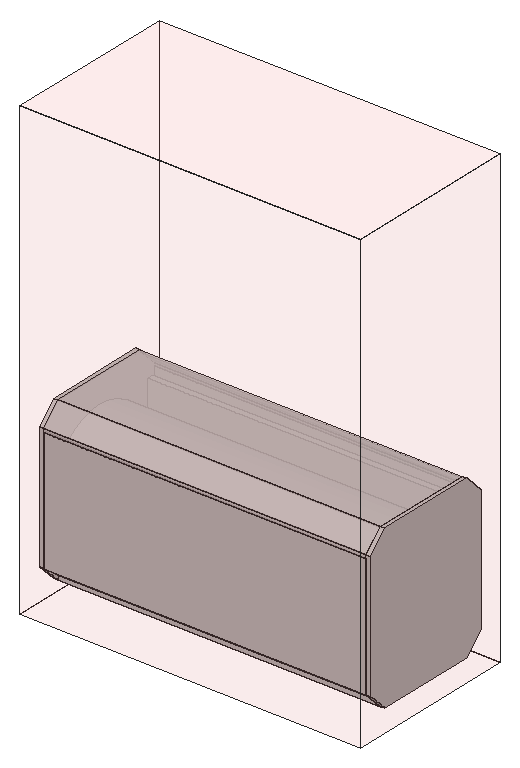
Revit family "Air-Curtain_Specialty_PoweredAire_LDX-Hazardous", category Mechanical Equipment, host Face, Revit 2018
Family settings
  Host = Face
  Round Connector Dimension = Use Diameter
  Part Type = Normal
  OmniClass Number = 23.75.35.17.21
  OmniClass Title = Air Curtains
  Cut with Voids When Loaded = No
  Shared = No
  Room Calculation Point = No
Parameters
  Warranty Duration (Years) = 0
  Unit Width Notes = "Other Widths available."  # constant formula
  Unit Width = 3' - 0"
  Unit Weight = 0
  Unit Height = 1' - 3"
  Unit Depth = 1' - 5 1/2"
  URL = "http://www.poweredaire.com/"
  Test Data = ""
  Standards Conformance = "as Specified"
  Specification = "http://www.arcat.com/sdspecs/htm04/23_34_33pai.htm"
  SpecWizard = ""
  Sound Pressure = "as Specified"
  Sales Information = "http://www.poweredaire.com/contact_us"
  Revision = "R1_2016-08"
  Projection from Host [instance] = 0' - 2"
  Product Properties = ""
  Product Data = "http://www.arcat.com/arcatcos/cos47/arc47623.html"
  Power Rating = 0 W
  Nozzle Width = if(1 = 1, Unit Width - 0' 1", 0' 0")  # 2' - 11"
  Mounting Width = if(1 = 1, Unit Width - 0' 0 15/16", 0' 0")  # 2' - 11 1/16"
  Mounting Height [instance] = 3' - 6"
  Motor RPM = 0
  Motor HP = 0
  Motor Count = 0
  Model = "As Specified"
  Max Height = 0' - 0"
  Manufacturer Website = "http://www.poweredaire.com/"
  Manufacturer Phone - Toll Free = "888-321-2473"
  Manufacturer Phone = "724-588-3305"
  Manufacturer Fax = "724-588-3371"
  Manufacturer Address = "109 Mortensen Rd.  Greenville, PA 16125"
  Manufacturer = "Powered Aire, Inc"
  Maintenance Schedule (Months) = 0
  Keynote = "23 34 33"
  Installation-Fabrication = ""
  Installation Phase = ""
  Include Clearance [instance] = yes
  Heating Element Load = 0 W
  HVAC_Temperature Rise = 0 °F
  HVAC_Outlet Volume = 0 CFM
  HVAC_Outlet Velocity Uniformity = 0
  HVAC_Outlet Velocity = 0 FPM
  Green Building-LEED = "http://www.arcat.com/green/clients/leed_data_47623.html"
  Front Grating Material [instance] = Metal - Steel - PoweredAire - Stainless 304 Perforated
  Frame Finish [instance] = Metal - Steel - PoweredAire - Stainless 304
  Expected Lifespan (Years) = 0
  Electrical_Wattage [instance] = Power Rating + Heating Element Load  # 0 W
  Electrical_Voltage [instance] = 0 V
  Electrical_Phase [instance] = 1
  Electrical_Frequency [instance] = 0 Hz
  Electrical_Amperage [instance] = 0 A
  Drawn By = "Sumex Design, Inc. / Robert S. Weygant, CSI, CDT, SCIP"
  Description = "Powered Aire Air Curtain as Specified"
  Default Elevation = 0' - 0"  # constant formula
  Copyright = "©Arcat Inc."
  Construction Details = "http://www.arcat.com/details/powair/prod3336.html"
  Clearance_Top [instance] = 0' - 2"
  Clearance_Side B [instance] = 0' - 0 1/2"
  Clearance_Side A [instance] = 0' - 0 1/2"
  Clearance_Intake [instance] = 2' - 6"
  Clearance_Bottom [instance] = 0' - 2"
  Clearance Material [instance] = ARCAT Clearance
  Building Codes = ""
  Available Options [instance] = "as Specified"
  Assembly Code = "D3090400"
Reference planes (in)
  plane 1 "Center (Elevation)": y = 0.13818
  plane 2: z = 0
  plane 3 "Center (Left/Right)": x = 0
  plane 4: y = 7.63818
  plane 5: y = -7.36182
  plane 6: x = -18
  plane 7: x = 18
  plane 8: z = 19.5
  plane 9 "FF": y = -41.86182
  plane 10: z = 2
  plane 11: x = 17.5
  plane 12: x = -17.5
  plane 13: y = 9.63818
  plane 14: y = -9.36182
  plane 15: x = -18.5
  plane 16: x = 18.5
  plane 17: z = 49.5
Forms (in)
  Extrusion 1, solid, material "Metal - Steel - PoweredAire - Stainless 304" <- "Frame Finish"
    sketch origin (0, 0, 0) x (0, 1, 0) y (0, 0, 1)
      loop
        line (5.69363, 2) -> (7.63818, 3.94454) -> (7.63818, 17.55546) -> (5.69363, 19.5) -> (-5.41728, 19.5) -> (-7.36182, 17.55546) -> (-7.36182, 3.94454) -> (-5.41728, 2) -> (5.69363, 2)
    from 17.5 to 18
  Extrusion 2, solid, material "Metal - Steel - PoweredAire - Stainless 304" <- "Frame Finish"
    sketch origin (0, 0, -0.5) x (0, 1, 0) y (0, 0, 1)
      loop
        circle (0.13818, 10.9739) r 6.25
      loop
        line (6.63818, 16.89427) -> (6.63818, 5.87829) -> (7.33849, 5.87829) -> (7.33849, 16.89427) -> (6.63818, 16.89427)
      loop
        line (-7.02798, 16.76927) -> (-7.02798, 5.75329) -> (-6.36182, 5.75329) -> (-6.36182, 16.76927) -> (-7.02798, 16.76927)
    from -17.5 to 17.5
  Extrusion 3, solid, material "Metal - Steel - PoweredAire - Stainless 304" <- "Frame Finish"
    sketch origin (0, 0, 0) x (0, 1, 0) y (0, 0, -1)
      loop
        line (5.69363, -2) -> (-5.41728, -2) -> (-7.36182, -3.94454) -> (-7.36182, -17.55546) -> (-5.41728, -19.5) -> (5.69363, -19.5) -> (7.63818, -17.55546) -> (7.63818, -3.94454) -> (5.69363, -2)
    from 17.5 to 18
  Extrusion 4, solid, material "Metal - Steel - PoweredAire - Stainless 304" <- "Frame Finish"
    sketch origin (0, 0, 0) x (0, 1, 0) y (0, 0, 1)
      loop
        line (-5.41728, 2) -> (5.69363, 2) -> (7.63818, 3.94454) -> (7.63818, 17.19454) -> (7.51318, 17.19454) -> (7.51318, 3.99632) -> (5.64186, 2.125) -> (-5.29228, 2.125) -> (-5.29228, 4.06954) -> (-7.23682, 4.06954) -> (-7.23682, 17.19454) -> (-7.36182, 17.19454) -> (-7.36182, 3.94454) -> (-5.41728, 3.94454) -> (-5.41728, 2)
      loop
        line (-6.64819, 3.61034) -> (-5.8702, 2.83235) -> (-5.74472, 2.95783) -> (-6.52271, 3.73583) -> (-6.64819, 3.61034)
    from -17.5 to 17.5
  Extrusion 5, solid, material "Metal - Steel - PoweredAire - Stainless 304 Perforated" <- "Front Grating Material"
    sketch origin (0, 0, 0) x (0, 1, 0) y (0, 0, 1)
      loop
        line (-7.36182, 17.19454) -> (-7.23682, 17.19454) -> (-7.23682, 17.50368) -> (-5.3655, 19.375) -> (5.64186, 19.375) -> (7.51318, 17.50368) -> (7.51318, 17.19454) -> (7.63818, 17.19454) -> (7.63818, 17.55546) -> (5.69363, 19.5) -> (-5.41728, 19.5) -> (-7.36182, 17.55546) -> (-7.36182, 17.19454)
    from -17.5 to 17.5
  Extrusion 6, solid, material "ARCAT Clearance" <- "Clearance Material", visible <- "Include Clearance"
    sketch origin (0, 0, 0) x (0, 1, 0) y (0, 0, 1)
      loop
        line (-9.36182, 49.5) -> (-9.36182, 0) -> (9.63818, 0) -> (9.63818, 49.5) -> (-9.36182, 49.5)
    from -18.5 to 18.5
Dimensions and locks (in)
  equal spacing: plane 4, plane 1 "Center (Elevation)", plane 5
  "Unit Height": plane 4 to plane 5
  equal spacing: plane 6, plane 3 "Center (Left/Right)", plane 7
  "Unit Width": plane 6 to plane 7
  "Mounting Height": plane 1 "Center (Elevation)" to plane 9 "FF"
  "Projection from Host": plane 10 to level
  "Unit Depth": plane 8 to plane 10
  locked: plane 6 to plane 12 at 0.5
  locked: plane 11 to plane 7 at 0.5
  "Clearance_Side A": plane 7 to plane 16
  "Clearance_Side B": plane 15 to plane 6
  "Clearance_Top": plane 13 to plane 4
  "Clearance_Bottom": plane 5 to plane 14
  "Clearance_Intake": plane 17 to plane 8
  aligned and locked: plane 2 to host face
  aligned and locked: level to host face
  aligned and locked: plane 7 to Extrusion 1
  aligned and locked: Extrusion 1 to plane 11
  aligned and locked: plane 12 to Extrusion 3
  aligned and locked: Extrusion 3 to plane 6
  aligned and locked: Extrusion 2 to plane 12
  aligned and locked: plane 11 to Extrusion 2
  aligned and locked: plane 11 to Extrusion 4
  aligned and locked: Extrusion 4 to plane 12
  aligned and locked: plane 11 to Extrusion 5
  aligned and locked: Extrusion 5 to plane 12
  aligned and locked: Extrusion 6 sketch curve to plane 17
  aligned and locked: plane 14 to Extrusion 6 sketch curve
  aligned and locked: level to Extrusion 6 sketch curve
  aligned and locked: Extrusion 6 sketch curve to plane 13
  aligned and locked: plane 16 to Extrusion 6
  aligned and locked: Extrusion 6 to plane 15
Automatic sketch dimensions
  host sketch curve to host sketch curve = 8' - 0"  (x2)
  Extrusion 1 sketch curve to plane 5 = 0' - 0"
  Extrusion 1 sketch curve to plane 8 = 0' - 0"
  Extrusion 1 sketch curve to plane 10 = 0' - 0"
  Extrusion 1 sketch curve to plane 4 = 0' - 0"
  plane 5 to Extrusion 1 sketch curve = 0' - 1.94454"  (x2)
  Extrusion 1 sketch curve to plane 4 = 0' - 1.94454"  (x2)
  plane 10 to Extrusion 1 sketch curve = 0' - 1.94454"  (x2)
  Extrusion 1 sketch curve to plane 8 = 0' - 1.94454"  (x2)
  Extrusion 2 sketch curve to plane 1 "Center (Elevation)" = 0' - 0"
  plane 5 to Extrusion 2 sketch curve = 0' - 1"
  plane 5 to Extrusion 2 sketch curve = 0' - 0.33384"
  Extrusion 2 sketch curve to plane 4 = 0' - 1"
  Extrusion 2 sketch curve to plane 4 = 0' - 0.29969"
  plane 10 to Extrusion 2 sketch curve = 0' - 3.37829"
  plane 10 to Extrusion 2 sketch curve = 0' - 3.25329"
  Extrusion 2 sketch curve to plane 8 = 0' - 9.0261"
  Extrusion 2 sketch curve to plane 8 = 0' - 3.23073"
  Extrusion 2 sketch curve to plane 8 = 0' - 3.10573"
  Extrusion 3 sketch curve to plane 5 = 0' - 0"
  Extrusion 3 sketch curve to plane 8 = 0' - 0"
  Extrusion 3 sketch curve to plane 10 = 0' - 0"
  Extrusion 3 sketch curve to plane 4 = 0' - 0"
  plane 5 to Extrusion 3 sketch curve = 0' - 1.94454"  (x2)
  Extrusion 3 sketch curve to plane 4 = 0' - 1.94454"  (x2)
  Extrusion 3 sketch curve to plane 8 = 0' - 1.94454"  (x2)
  plane 10 to Extrusion 3 sketch curve = 0' - 1.94454"  (x2)
  Extrusion 4 sketch curve to plane 5 = 0' - 0"
  Extrusion 4 sketch curve to plane 10 = 0' - 0"
  Extrusion 4 sketch curve to plane 4 = 0' - 0"
  plane 5 to Extrusion 4 sketch curve = 0' - 0 1/8"
  plane 5 to Extrusion 4 sketch curve = 0' - 0.71363"
  Extrusion 4 sketch curve to Extrusion 4 sketch curve = 0' - 0.12548"  (x2)
  Extrusion 4 sketch curve to Extrusion 4 sketch curve = 0' - 0.778"
  Extrusion 4 sketch curve to Extrusion 4 sketch curve = 0' - 0.32744"
  Extrusion 4 sketch curve to Extrusion 4 sketch curve = 0' - 0 1/8"  (x2)
  plane 10 to Extrusion 4 sketch curve = 0' - 0 1/8"
  Extrusion 4 sketch curve to plane 4 = 0' - 1.99632"
  Extrusion 4 sketch curve to Extrusion 4 sketch curve = 0' - 0.05178"  (x2)
  plane 10 to Extrusion 4 sketch curve = 0' - 0.83235"
  plane 10 to Extrusion 4 sketch curve = 0' - 1.94454"
  Extrusion 4 sketch curve to Extrusion 4 sketch curve = 0' - 0.3342"
  Extrusion 4 sketch curve to plane 4 = 0' - 0 1/8"
  Extrusion 4 sketch curve to plane 8 = 0' - 2.30546"  (x2)
  Extrusion 5 sketch curve to plane 5 = 0' - 0"
  Extrusion 5 sketch curve to plane 8 = 0' - 0"
  Extrusion 5 sketch curve to plane 4 = 0' - 0"
  plane 5 to Extrusion 5 sketch curve = 0' - 0 1/8"
  plane 5 to Extrusion 5 sketch curve = 0' - 1.94454"
  Extrusion 5 sketch curve to plane 8 = 0' - 0 1/8"
  Extrusion 5 sketch curve to Extrusion 5 sketch curve = 0' - 0.05178"  (x4)
  Extrusion 5 sketch curve to plane 4 = 0' - 1.99632"
  Extrusion 5 sketch curve to plane 8 = 0' - 1.94454"  (x2)
  Extrusion 5 sketch curve to Extrusion 5 sketch curve = 0' - 0 1/8"
  Extrusion 5 sketch curve to Extrusion 5 sketch curve = 0' - 0.30914"  (x2)
  radius of Extrusion 2 sketch curve = 0' - 6 1/4"
Connectors (in)
  electrical at (0, 7.63818, 10.56954), driven by "Electrical_Phase", driven by "Electrical_Voltage"
    settings: on Extrusion 4, index 1, voltage 0 V, apparent load 0 VA, apparent load phase1 0 VA, apparent load phase2 0 VA, apparent load phase3 0 VA, power factor 1, load classification "Motor", number of poles 1, system type 31, power factor state 1, is connector primary yes, connector utility no, sub classification motor no, connector description ""
